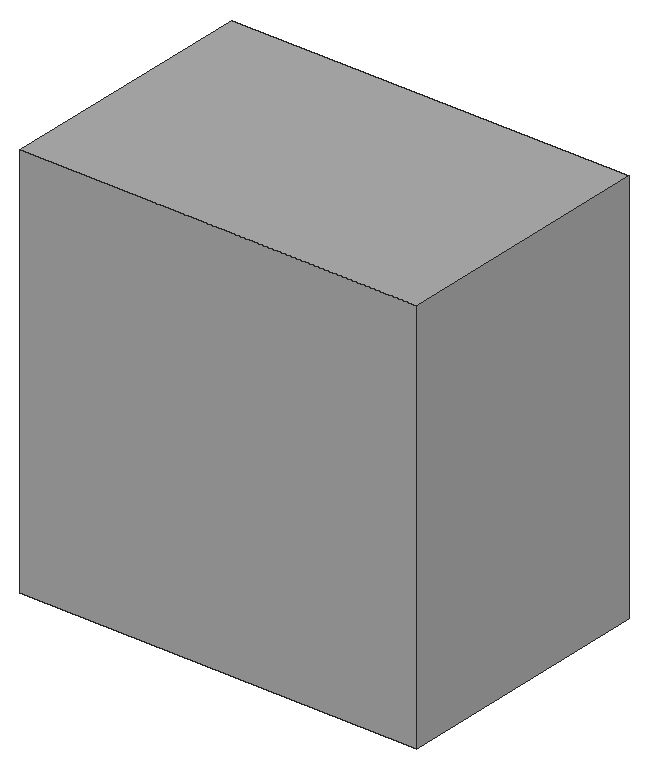
Revit family "L型桥架竖向弯头连接件", category 电缆桥架配件, Revit 2020
Family settings
  圆形连接件大小 = 使用直径
  零件类型 = 槽式垂直弯头
  基于工作平面 = 否
  总是垂直 = 是
  加载时剪切的空心 = 否
  共享 = 否
Parameters (values of type "S强电阶梯式电缆桥架_M热镀锌钢板_D线槽")
  Default Elevation = 0 mm
  桥架高度1 [instance] = 100 mm
  桥架宽度1 [instance] = 200 mm
  桥架宽度 [instance] = 300 mm
  桥架高度 [instance] = 200 mm
  弯通角度 [instance] = 角度  # 90.00°
  默认高程 [instance] = 3 mm
  最大分段角度 [instance] = 角度 / 2  # 45.00°
  built-in parameter 1140115 [instance] = 1.2303 (stored number, unit not read)
  角度 1 [instance] = 角度 / 4  # 22.50°
  角度 [instance] = 90.00°
Types (25, lengths in mm): name | 桥架高度1 | 桥架宽度1 | 桥架宽度 | 桥架高度
  S强电阶梯式电缆桥架_M热镀锌钢板_D线槽 | 100 | 200 | 300 | 200
  S车位引导桥架_M热镀锌钢板_D线槽 | 0 | 0 | 500 | 150
  S强电充电桩_M热镀锌钢板_D线槽 | 0 | 0 | 500 | 150
  S强电住宅_M热镀锌钢板_D线槽 | 0 | 0 | 500 | 150
  S强电封闭式防火桥架_M热镀锌钢板_D线槽 | 0 | 0 | 500 | 150
  S强电配电房出线桥架_M热镀锌钢板_D线槽 | 0 | 0 | 500 | 150
  S弱电桥架_M热镀锌钢板_D线槽 | 0 | 0 | 500 | 150
  S弱电综合布线_M热镀锌钢板_D线槽 | 0 | 0 | 500 | 150
  S疏散照明_M热镀锌钢板_D线槽 | 0 | 0 | 500 | 150
  S弱电通信_M热镀锌钢板_D线槽 | 0 | 0 | 500 | 150
  S弱电电话_M热镀锌钢板_D线槽 | 0 | 0 | 500 | 150
  S弱电电视_M热镀锌钢板_D线槽 | 0 | 0 | 500 | 150
  S弱电消防_M热镀锌钢板_D线槽 | 0 | 0 | 500 | 150
  S电缆桥架_M热镀锌钢板_D线槽 | 0 | 0 | 500 | 150
  S弱电广播_M热镀锌钢板_D线槽 | 0 | 0 | 500 | 150
  S照明线槽_M热镀锌钢板_D线槽 | 0 | 0 | 500 | 150
  S弱电智能化综合桥架_M热镀锌钢板_D线槽 | 0 | 0 | 500 | 150
  S强电消防_M热镀锌钢板_D线槽 | 0 | 0 | 500 | 150
  S高压桥架_M热镀锌钢板_D线槽 | 0 | 0 | 500 | 150
  S母线槽_M热镀锌钢板_D线槽 | 0 | 0 | 500 | 150
  S强电控制电缆_M热镀锌钢板_D线槽 | 0 | 0 | 500 | 150
  S强电非消防_M热镀锌钢板_D线槽 | 0 | 0 | 500 | 150
  S强电桥架_M热镀锌钢板_D线槽 | 0 | 0 | 500 | 150
  S弱电安防_M热镀锌钢板_D线槽 | 0 | 0 | 500 | 150
  S弱电智能化电源_M热镀锌钢板_D线槽 | 0 | 0 | 500 | 150
Reference planes
  plane 1 "中心(前/后)": y = 0
  plane 2: z = 0
  plane 3 "中心(左/右)": x = 0
  plane 4: y = 375
  plane 5: x = -375
  plane 6: y = 100
  plane 7: y = -100
  plane 8: x = -180
  plane 9: x = 150
  plane 10: z = 150
  plane 11: z = -150
  plane 12: z = 147
  plane 13: z = -147
  plane 14: x = -150
  plane 15: y = 130
  plane 16: y = 115
  plane 17: x = -165
  plane 18: z = 100
  plane 19: z = -100
  plane 20: x = 50
  plane 21: x = -50
Forms (mm)
  Extrusion 1, solid
    sketch origin (0, 0, 0) x (1, 0, 0) y (0, 0, 1)
      loop
        line (-50, 100) -> (-50, -100) -> (50, -100) -> (50, 100) -> (-50, 100)
    from -130 to -100
  Sweep 2, solid
    path origin (0, 0, 0) x (1, 0, 0) y (0, 1, 0)
      loop
        line (0, -100) -> (0, 100)
    profile origin (0, 0, 0) x (-1, 0, 0) y (0, 0, 1)
      loop
        line (150, 150) -> (-150, 150) -> (-150, -150) -> (150, -150) -> (150, 150)
Dimensions and locks
  equal spacing: plane 6, plane 1 "中心(前/后)", plane 7
  "桥架高度": plane 6 to plane 7
  equal spacing: plane 10, plane 2, plane 11
  "桥架宽度": plane 10 to plane 11
  "默认高程": plane 10 to plane 12
  "默认高程": plane 13 to plane 11
  "桥架宽度": plane 14 to plane 9
  equal spacing: plane 14, plane 3 "中心(左/右)", plane 9
  locked: plane 8 to plane 14 at 30
  locked: plane 15 to plane 6 at 30
  locked: plane 16 to plane 6 at 15
  locked: plane 17 to plane 14 at 15
  equal spacing: plane 19, level, plane 18
  "桥架宽度1": plane 19 to plane 18
  equal spacing: plane 20, plane 3 "中心(左/右)", plane 21
  "桥架高度1": plane 20 to plane 21
  aligned and locked: plane 15 to Extrusion 1
  aligned and locked: plane 11 to Sweep 2 sketch curve
  aligned and locked: Sweep 2 sketch curve to plane 10
  aligned and locked: Extrusion 1 to plane 6
  aligned and locked: plane 6 to Sweep 2 sketch curve
  aligned and locked: plane 7 to Sweep 2 sketch curve
  aligned and locked: plane 3 "中心(左/右)" to Sweep 2 sketch curve
  aligned and locked: Sweep 2 sketch curve to plane 14
  aligned and locked: plane 9 to Sweep 2 sketch curve
  aligned and locked: plane 18 to Extrusion 1 sketch curve
  aligned and locked: Extrusion 1 sketch curve to plane 19
  aligned and locked: Extrusion 1 sketch curve to plane 21
  aligned and locked: plane 20 to Extrusion 1 sketch curve
Connectors
  cabletrayconduit at (0, 100, 0), diameter 600, driven by "桥架宽度1", driven by "桥架高度1"
    settings: on Extrusion 1, index 5, connector width 100 mm, connector height 200 mm, connector angle 0.00°, system type 32, placement type 0, profile type 1, connector reference index -1, is primary connector yes, connector utility param no, connector description ""
  cabletrayconduit at (0, 0, 150), diameter 600, driven by "桥架宽度", driven by "桥架高度"
    settings: on Sweep 2, index 6, connector width 200 mm, connector height 300 mm, connector angle 0.00°, system type 32, placement type 0, profile type 1, connector reference index -1, is primary connector no, connector utility param no, connector description ""
